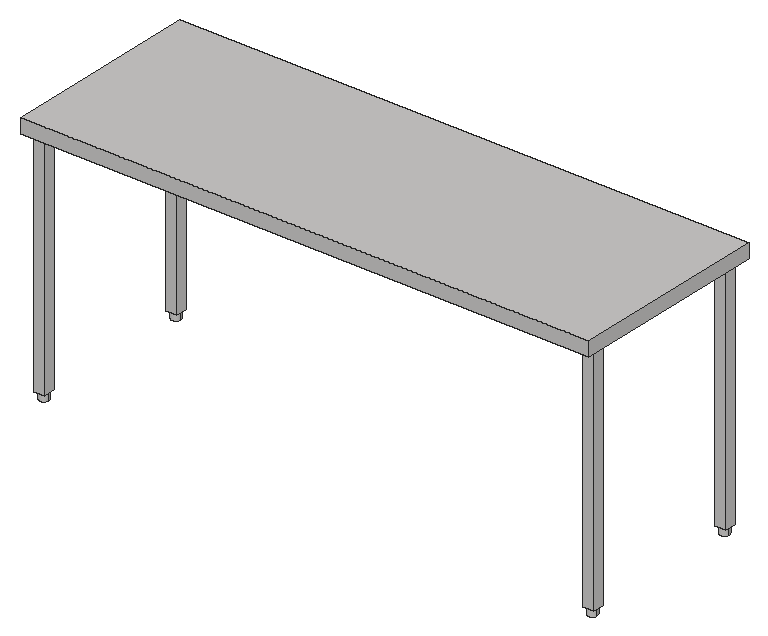
Revit family "QF_ZANUSSI_132728_TG2000PN", category Attrezzature speciali, Revit 2020
Family settings
  Quota connettore circolare = Usa diametro
  Tipo di parte = Normale
  Basato su piano di lavoro = No
  Sempre verticale = Sì
  Taglio con vuoti quando caricato = No
  Condiviso = No
  Punto di calcolo locali = No
Parameters (values of type "Standard")
  Weight = 58.00 kg
  Watts = 0 W
  Volts = 0 V
  URL Manufacturer = "http://www.zanussiprofessional.com"
  URL = "http://www.zanussiprofessional.com"
  Steam Supply Size = 0 mm
  Steam Supply Minimum Pressure = 0.0 Pa
  Steam Supply Maximum Pressure = 0.0 Pa
  Steam Consumption per Hour = 0
  Refrigeration Suction Line Size = 0.0 mm
  Refrigeration Liquid Line Size = 0.0 mm
  Refrigerant Compressor Remote = yes
  Prospetto di default = 0.0 mm
  Produttore = "Zanussi"
  Phase = 0
  Modello = "TG2000PN"
  Length Actual = 2000.0 mm  # constant formula
  Item Number = "132728"
  Hot Water Size = 0 mm
  Height Actual = 900.0 mm  # constant formula
  HP = "0 HP"
  Gas Size = 0 mm
  Gas KW = 0
  Gas Input Pressure = 0 W
  Direct Waste Size = 0 mm
  Descrizione = "WORK TABLE 2000 MM"
  Depth Actual = 700.0 mm  # constant formula
  Cycle = 0 Hz
  Condensate Return Size = 0 mm
  Compressed Air Volume = 0.0 L/s
  Compressed Air Size = 0 mm
  Compressed Air Pressure = 0.0 Pa
  Cold Water Size = 0 mm
  Accessory = yes
Reference planes
  plane 1 "Center (Front/Back)": y = 0
  plane 2: z = 0
  plane 3 "Center (Left/Right)": x = -500
  plane 4 "LEFT": x = -1500
  plane 5 "RIGHT": x = 500
  plane 6 "BACK": y = 350
  plane 7 "FRONT": y = -350
  plane 8 "Base": z = 850
  plane 9 "TOP": z = 900
  plane 10: x = -1464.5
  plane 11: x = 464.5
  plane 12: y = 290
  plane 13: y = -290
Forms (mm)
  Extrusion 1, solid, material "QF_Finishes_Stainless Steel"
    sketch origin (-500, 0, 0) x (0, 1, 0) y (0, 0, 1)
      loop
        line (-350, 850) -> (350, 850) -> (350, 900) -> (-350, 900) -> (-350, 850)
    from 1000 to -1000
Lines and regions (mm)
  symbolic lines
    curve 1: line (500, 350, 900) -> (-1500, 350, 900)
    curve 2: line (-1500, 350, 900) -> (-1500, -350, 900)
    curve 3: line (-1500, -350, 900) -> (500, -350, 900)
    curve 4: line (500, -350, 900) -> (500, 350, 900)
Dimensions and locks
  plane 4 "LEFT" to plane 5 "RIGHT" = 2000.0 mm
  equal spacing: plane 4 "LEFT", plane 3 "Center (Left/Right)", plane 5 "RIGHT"
  locked: plane 8 "Base" to level at 850
  plane 4 "LEFT" to plane 10 = 35.5 mm
  plane 11 to plane 5 "RIGHT" = 35.5 mm
  plane 10 to plane 11 = 1929.0 mm
  locked: plane 9 "TOP" to level at 900
  plane 6 "BACK" to plane 12 = 60.0 mm
  plane 13 to plane 7 "FRONT" = 60.0 mm
  plane 6 "BACK" to plane 7 "FRONT" = 700.0 mm
  plane 12 to plane 13 = 580.0 mm
  equal spacing: plane 6 "BACK", plane 1 "Center (Front/Back)", plane 7 "FRONT"
  aligned and locked: level to plane 2
  aligned and locked: plane 10 to nested 1
  aligned and locked: nested 1 to plane 13
  aligned and locked: plane 11 to nested 2
  aligned and locked: nested 2 to plane 13
  aligned and locked: plane 11 to nested 4
  aligned and locked: nested 4 to plane 12
  aligned and locked: plane 10 to nested 3
  aligned and locked: nested 3 to plane 12
  aligned and locked: Extrusion 1 to plane 4 "LEFT"
  aligned and locked: plane 5 "RIGHT" to Extrusion 1
  aligned and locked: curve 2 to plane 4 "LEFT"
Automatic sketch dimensions
  Extrusion 1 sketch curve to plane 7 "FRONT" = 0.0 mm
  Extrusion 1 sketch curve to plane 8 "Base" = 0.0 mm
  curve 3 to plane 7 "FRONT" = 0.0 mm
  curve 4 to plane 6 "BACK" = 0.0 mm
  Extrusion 1 sketch curve to plane 9 "TOP" = 0.0 mm
  Extrusion 1 sketch curve to plane 6 "BACK" = 0.0 mm
  curve 4 to plane 5 "RIGHT" = 0.0 mm
Nested families
  nested 1: "FEET_40x40" at (-1464.5, -290, 0), type "FEET_40x40"
  nested 2: "FEET_40x40" at (464.5, -290, 0), type "FEET_40x40"
  nested 3: "FEET_40x40" at (-1464.5, 290, 0), type "FEET_40x40"
  nested 4: "FEET_40x40" at (464.5, 290, 0), type "FEET_40x40"
Definition of nested family "FEET_40x40"
  Parameters
    Default Elevation = 0.0 mm
    FEET = 850.0 mm
  Reference planes
    plane 1 "Center (Front/Back)": y = 0
    plane 2: z = 0
    plane 3 "Center (Left/Right)": x = 0
    plane 4: z = 850
  Forms (mm)
    Extrusion 1, solid
      sketch origin (0, 0, 0) x (1, 0, 0) y (0, 1, 0)
        loop
          line (-20, -20) -> (20, -20) -> (20, 20) -> (-20, 20) -> (-20, -20)
      from 25 to 845
    Extrusion 2, solid
      sketch origin (0, 0, 0) x (1, 0, 0) y (0, 1, 0)
        loop
          circle (0, 0) r 16
      from 0 to 25
    Extrusion 3, solid
      sketch origin (0, 0, 0) x (1, 0, 0) y (0, 1, 0)
        loop
          line (30, 30) -> (-30, 30) -> (-30, -30) -> (30, -30) -> (30, 30)
      from 845 to 850
  Lines and regions (mm)
    symbolic lines
      curve 1: line (0, -1.503, 0) -> (0, 1.508, 0)
      curve 2: line (1.561, 0, 0) -> (-1.439, 0, 0)
  Dimensions and locks
    "FEET": plane 4 to plane 2
    aligned and locked: level to plane 2
  Automatic sketch dimensions
    Extrusion 1 sketch curve to plane 3 "Center (Left/Right)" = 20.0 mm
    plane 3 "Center (Left/Right)" to Extrusion 1 sketch curve = 20.0 mm
    plane 1 "Center (Front/Back)" to Extrusion 1 sketch curve = 20.0 mm
    Extrusion 1 sketch curve to plane 1 "Center (Front/Back)" = 20.0 mm
    plane 1 "Center (Front/Back)" to Extrusion 2 sketch curve = 0.0 mm
    Extrusion 2 sketch curve to plane 3 "Center (Left/Right)" = 0.0 mm
    plane 3 "Center (Left/Right)" to Extrusion 3 sketch curve = 30.0 mm
    Extrusion 3 sketch curve to plane 1 "Center (Front/Back)" = 30.0 mm
    Extrusion 3 sketch curve to plane 3 "Center (Left/Right)" = 30.0 mm
    plane 1 "Center (Front/Back)" to Extrusion 3 sketch curve = 30.0 mm
    plane 1 "Center (Front/Back)" to curve 2 = 0.0 mm
    curve 1 to plane 3 "Center (Left/Right)" = 0.0 mm
    curve 2 to plane 3 "Center (Left/Right)" = 1.439 mm
    plane 3 "Center (Left/Right)" to curve 2 = 1.561 mm
    plane 1 "Center (Front/Back)" to curve 1 = 1.503 mm
    curve 1 to plane 1 "Center (Front/Back)" = 1.508 mm
    radius of Extrusion 2 sketch curve = 16.0 mm
